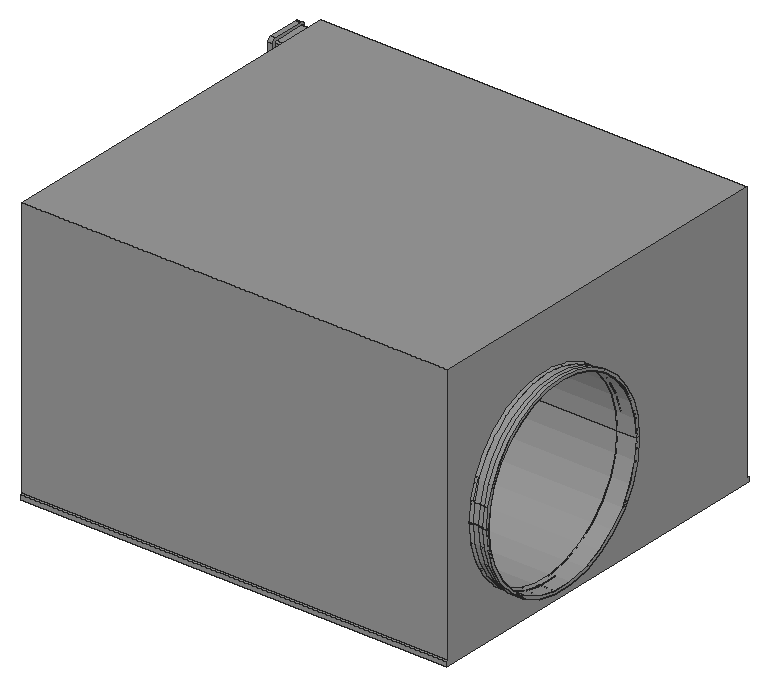
Revit family "IRB 400  E3 EC_7980039", category Mechanical Equipment, Revit 2014
Parameters (values of type "IRB 400 E3 EC")
  Wiring diagram = "4040147"
  Width = 995 mm
  Weight = 62.10 kg
  Voltage range = "380-480 V"
  Voltage = 400 V
  Speed = "2130rpm"
  Sound pressure level at 3 m = "67 dB(A)"
  Power = 2120 W
  Phase = 3
  Max. temperature of transported air when speed controlled = 60 °C
  Max. temperature of transported air = 60 °C
  Main Material = Steel, Galvanized
  Height = 808 mm
  Frequency = 50 Hz
  Elevation [instance] = 2600 mm
  Diameter = 400 mm
  Description = "Insulated duct fans with circular connections"
  Depth = 567 mm
  Current = 3.25 A
  Capacitor = "- µF"
Reference planes
  plane 1 "Center (Front/Back)": y = 0
  plane 2: z = 0
  plane 3 "Center (Left/Right)": x = 0
  plane 4: z = 2600
Dimensions and locks
  "Elevation": plane 4 to plane 2
  aligned and locked: level to plane 2
  aligned and locked: plane 3 "Center (Left/Right)" to nested 1
  aligned and locked: plane 1 "Center (Front/Back)" to nested 1
  aligned and locked: nested 1 to nested 2  (x2)
  aligned and locked: nested 1 to plane 4
Nested families
  nested 1: "IRB" at (0, 0, 2600), type "IRB"
  nested 2: "Flow direction symbol" at (0, 0, 0), type "Flow direction symbol"
Connectors
  electrical at (-497.5, 352.5, 3115.5), driven by "Phase", driven by "Voltage", driven by "Power"
    settings: on nested 1, index 1, voltage 400 V, apparent load 0 VA, apparent load phase1 2120 VA, apparent load phase2 0 VA, apparent load phase3 0 VA, power factor 1, load classification "Other", number of poles 3, system type 31, power factor state 1, is connector primary yes, connector utility no, sub classification motor no, connector description ""
  hvac at (-497.5, -144.5, 2851.995), driven by "Diameter"
    settings: on nested 1, index 4, duct flow 0.0 L/s, flow factor 0, pres drop 0.0 Pa, loss coef 0, conn angle 0.00°, conn width 304.8 mm, conn height 304.8 mm, conn diameter 400 mm, duct sys type 1, conn prof type 0, flow config 0, flow direction 1, loss method 0, conn ref index -1, conn util no, is conn primary yes, conn desc ""
  hvac at (497.5, -144.5, 2851.995), driven by "Diameter"
    settings: on nested 1, index 5, duct flow 0.0 L/s, flow factor 0, pres drop 0.0 Pa, loss coef 0, conn angle 0.00°, conn width 304.8 mm, conn height 304.8 mm, conn diameter 400 mm, duct sys type 3, conn prof type 0, flow config 0, flow direction 2, loss method 0, conn ref index -1, conn util no, is conn primary no, conn desc ""
Definition of nested family "IRB"
  Parameters (values of type "IRB")
    Width = 995 mm
    Main Material = Steel, Galvanized
    Height = 808 mm
    Description = ""
    Depth = 567 mm
  Reference planes
    plane 1 "Center (Front/Back)": y = 0
    plane 2: z = 0
    plane 3 "Center (Left/Right)": x = 0
    plane 4: z = 567
    plane 5 "Horizontal Pipe Axis": z = 316
    plane 6: z = 10
    plane 7: z = 557
    plane 8: x = -456
    plane 9: x = 456
    plane 10: x = -497.5
    plane 11: x = 497.5
    plane 12: y = 404
    plane 13: y = -404
    plane 14: y = 394
    plane 15: x = -487.5
    plane 16: y = -144
  Forms (mm)
    Extrusion 1, solid, material "Steel, Galvanized" <- "Main Material", detail levels medium+fine
      sketch origin (0, 0, 0) x (0, 1, 0) y (0, 0, 1)
        loop
          line (-404, 0) -> (404, 0) -> (404, 10) -> (399, 10) -> (399, 11) -> (399, 567) -> (-399, 567) -> (-399, 10) -> (-404, 10) -> (-404, 0)
      from -456 to 456
    Extrusion 2, void
      sketch origin (0, 64.5, -65.499) x (0, 1, 0) y (0, 0, 1)
        loop
          circle (-209.5, 316.497) r 199
      from -809.837 to 500.936
    Extrusion 3, solid, material "Steel, Galvanized" <- "Main Material", detail levels coarse
      sketch origin (0, 66, -63.157) x (0, 1, 0) y (0, 0, -1)
        loop
          circle (-208.916, -314.143) r 199
      from 456 to 497.5
    Extrusion 4, solid, material "Steel, Galvanized" <- "Main Material", detail levels coarse
      sketch origin (0, 0, 0) x (0, 1, 0) y (0, 0, 1)
        loop
          line (404, 567) -> (-404, 567) -> (-404, 0) -> (404, 0) -> (404, 567)
      from -456 to 456
    Sweep 5, solid, material "Plastic, Opaque White", detail levels fine
      path origin (0, 0, 0) x (1, 0, 0) y (0, 1, 0)
        loop
          line (-487.5, 394) -> (-497.5, 394)
      profile origin (-492.5, 394, 0) x (0, -1, 0) y (0, 0, 1)
        loop
          arc (8.073, 557) -> (2.365, 554.635) -> (0, 548.927) r 8.073
          line (0, 548.927) -> (0, 482.073)
          arc (0, 482.073) -> (2.365, 476.365) -> (8.073, 474) r 8.073
          line (8.073, 474) -> (74.927, 474)
          arc (74.927, 474) -> (80.635, 476.365) -> (83, 482.073) r 8.073
          line (83, 482.073) -> (83, 548.927)
          arc (83, 548.927) -> (80.635, 554.635) -> (74.927, 557) r 8.073
          line (74.927, 557) -> (8.073, 557)
    Sweep 6, solid, material "Plastic, Opaque White", detail levels fine
      path origin (0, 0, 0) x (1, 0, 0) y (0, 1, 0)
        loop
          line (-487.5, 352.5) -> (-456, 352.5)
      profile origin (-471.75, 352.5, 0) x (0, 1, 0) y (0, 0, 1)
        loop
          line (33.427, 552) -> (-33.427, 552)
          arc (-33.427, 552) -> (-35.6, 551.1) -> (-36.5, 548.927) r 3.073
          line (-36.5, 548.927) -> (-36.5, 482.073)
          arc (-36.5, 482.073) -> (-35.6, 479.9) -> (-33.427, 479) r 3.073
          line (-33.427, 479) -> (33.427, 479)
          arc (33.427, 479) -> (35.6, 479.9) -> (36.5, 482.073) r 3.073
          line (36.5, 482.073) -> (36.5, 548.927)
          arc (36.5, 548.927) -> (35.6, 551.1) -> (33.427, 552) r 3.073
    Extrusion 7, solid, material "Steel, Galvanized" <- "Main Material", detail levels coarse
      sketch origin (0, 66, -63.157) x (0, 1, 0) y (0, 0, 1)
        loop
          circle (-208.916, 314.143) r 199
      from 456 to 497.5
    Extrusion 8, void, detail levels medium+fine
      sketch origin (0, 64.5, -25.499) x (0, 1, 0) y (0, 0, 1)
        loop
          circle (-209.5, 277.499) r 198
      from -809.837 to 500.936
    Extrusion 9, solid, material "Steel, Galvanized" <- "Main Material", detail levels coarse
      sketch origin (0, 66, -23.157) x (0, 1, 0) y (0, 0, -1)
        loop
          circle (-208.916, -277.262) r 198
      from 456 to 497.5
    Revolve 10, solid, material "Steel, Galvanized" <- "Main Material", detail levels medium+fine
      sketch origin (0, 34.5, 252) x (-1, 0, 0) y (0, -1, 0)
        loop
          line (497.5, -25.5) -> (497.5, 178.5) -> (456, 178.5) -> (456, -21.5)
          arc (456, -21.5) -> (460.25, -23.5) -> (464.5, -21.5) r 5.516
          line (464.5, -21.5) -> (479.5, -21.5) -> (479.5, -23.5) -> (489.5, -23.5) -> (489.5, -25.5) -> (497.5, -25.5)
        axis (456, 178.5) -> (497.5, 178.5)
      angle from 0 to 360
    Revolve 11, solid, material "Steel, Galvanized" <- "Main Material", detail levels medium+fine
      sketch origin (0, 0, 252) x (1, 0, 0) y (0, 1, 0)
        loop
          line (497.5, 60) -> (489.5, 60) -> (489.5, 58) -> (479.5, 58) -> (479.5, 56) -> (464.5, 56)
          arc (464.5, 56) -> (460.25, 58) -> (456, 56) r 5.516
          line (456, 56) -> (456, -144) -> (497.5, -144) -> (497.5, 60)
        axis (456, -144) -> (497.5, -144)
      angle from 0 to 360
    Extrusion 12, solid, material "Steel, Galvanized" <- "Main Material", detail levels coarse
      sketch origin (0, 66, -23.157) x (0, 1, 0) y (0, 0, 1)
        loop
          circle (-208.916, 277.262) r 198
      from 456 to 497.5
    Extrusion 13, void
      sketch origin (0, 64.5, -26.502) x (0, 1, 0) y (0, 0, 1)
        loop
          circle (-209.5, 277.499) r 199
      from -809.837 to 500.936
    Revolve 14, solid, material "Steel, Galvanized" <- "Main Material", detail levels medium+fine
      sketch origin (0, 34.5, 250.997) x (-1, 0, 0) y (0, -1, 0)
        loop
          line (497.5, -25.5) -> (497.5, 178.5) -> (456, 178.5) -> (456, -21.5)
          arc (456, -21.5) -> (460.25, -23.5) -> (464.5, -21.5) r 5.516
          line (464.5, -21.5) -> (479.5, -21.5) -> (479.5, -23.5) -> (489.5, -23.5) -> (489.5, -25.5) -> (497.5, -25.5)
        axis (456, 178.5) -> (497.5, 178.5)
      angle from 0 to 360
    Revolve 15, solid, material "Steel, Galvanized" <- "Main Material", detail levels medium+fine
      sketch origin (0, 0, 250.997) x (1, 0, 0) y (0, 1, 0)
        loop
          line (497.5, 60) -> (489.5, 60) -> (489.5, 58) -> (479.5, 58) -> (479.5, 56) -> (464.5, 56)
          arc (464.5, 56) -> (460.25, 58) -> (456, 56) r 5.516
          line (456, 56) -> (456, -144) -> (497.5, -144) -> (497.5, 60)
        axis (456, -144) -> (497.5, -144)
      angle from 0 to 360
    Extrusion 16, void
      sketch origin (0, 64.5, -25.504) x (0, 1, 0) y (0, 0, 1)
        loop
          circle (-209.5, 277.499) r 199
      from -809.837 to 500.936
    Revolve 17, solid, material "Steel, Galvanized" <- "Main Material", detail levels medium+fine
      sketch origin (0, 34.5, 251.995) x (-1, 0, 0) y (0, -1, 0)
        loop
          line (497.5, -25.5) -> (497.5, 178.5) -> (456, 178.5) -> (456, -21.5)
          arc (456, -21.5) -> (460.25, -23.5) -> (464.5, -21.5) r 5.516
          line (464.5, -21.5) -> (479.5, -21.5) -> (479.5, -23.5) -> (489.5, -23.5) -> (489.5, -25.5) -> (497.5, -25.5)
        axis (456, 178.5) -> (497.5, 178.5)
      angle from 0 to 360
    Revolve 18, solid, material "Steel, Galvanized" <- "Main Material", detail levels medium+fine
      sketch origin (0, 0, 251.995) x (1, 0, 0) y (0, 1, 0)
        loop
          line (497.5, 60) -> (489.5, 60) -> (489.5, 58) -> (479.5, 58) -> (479.5, 56) -> (464.5, 56)
          arc (464.5, 56) -> (460.25, 58) -> (456, 56) r 5.516
          line (456, 56) -> (456, -144) -> (497.5, -144) -> (497.5, 60)
        axis (456, -144) -> (497.5, -144)
      angle from 0 to 360
  Cuts and joins
    Extrusion 2 cuts Extrusion 1
    joined: Sweep 5, Sweep 6
    Extrusion 8 cuts Extrusion 4
    Extrusion 8 cuts Revolve 10
    Extrusion 8 cuts Revolve 11
    Extrusion 13 cuts Revolve 14
    Extrusion 13 cuts Revolve 15
    Extrusion 16 cuts Revolve 17
    Extrusion 16 cuts Revolve 18
  Dimensions and locks
    equal spacing: plane 10, plane 3 "Center (Left/Right)", plane 11
    "Width": plane 10 to plane 11
    "Depth": plane 4 to level
    locked: plane 12 to plane 14 at 10
    locked: plane 4 to plane 7 at 10
    locked: plane 10 to plane 15 at 10
    locked: plane 10 to plane 8 at 41.5
    locked: plane 9 to plane 11 at 41.5
    locked: Sweep 6 sketch curve to plane 7 at 5
    locked: plane 14 to Sweep 6 sketch curve at 5
    plane 4 to plane 5 "Horizontal Pipe Axis" = 251 mm
    equal spacing: plane 12, plane 1 "Center (Front/Back)", plane 13
    "Height": plane 12 to plane 13
    aligned and locked: level to plane 2
    aligned and locked: Extrusion 1 sketch curve to plane 13
    aligned and locked: plane 2 to Extrusion 1 sketch curve
    aligned and locked: Extrusion 1 sketch curve to plane 12
    aligned and locked: Extrusion 1 to plane 9
    aligned and locked: Extrusion 1 to plane 8
    aligned and locked: Extrusion 3 to plane 10
    aligned and locked: plane 8 to Extrusion 3
    aligned and locked: Extrusion 3 to plane 8
    aligned and locked: plane 4 to Extrusion 4 sketch curve
    aligned and locked: plane 12 to Extrusion 4 sketch curve
    aligned and locked: Extrusion 4 to plane 8
    aligned and locked: Extrusion 4 to plane 9
    aligned and locked: plane 10 to Sweep 5 sketch curve
    aligned and locked: plane 15 to Sweep 5 sketch curve
    aligned and locked: Sweep 5 sketch curve to plane 7
    aligned and locked: Sweep 5 sketch curve to plane 14
    aligned and locked: plane 8 to Sweep 6 sketch curve
    aligned and locked: plane 15 to Sweep 6 sketch curve
  Automatic sketch dimensions
    Extrusion 1 sketch curve to plane 4 = 0 mm
    Extrusion 1 sketch curve to plane 6 = 0 mm  (x2)
    Extrusion 1 sketch curve to plane 13 = 5 mm
    Extrusion 1 sketch curve to plane 12 = 5 mm
    Extrusion 1 sketch curve to Extrusion 1 sketch curve = 1 mm
    Extrusion 2 sketch curve to plane 16 = 1 mm
    Extrusion 2 sketch curve to plane 5 "Horizontal Pipe Axis" = 65.003 mm
    plane 16 to Extrusion 3 sketch curve = 1.084 mm
    Extrusion 3 sketch curve to plane 5 "Horizontal Pipe Axis" = 65.013 mm
    Extrusion 4 sketch curve to plane 13 = 0 mm
    Extrusion 4 sketch curve to level = 0 mm
    Sweep 5 sketch curve to plane 14 = 0 mm
    Sweep 5 sketch curve to profile plane = 8.073 mm  (x2)
    Sweep 5 sketch curve to Sweep 5 sketch curve = 66.854 mm  (x3)
    Sweep 5 sketch curve to Sweep 5 sketch curve = 8.073 mm
    Sweep 6 sketch curve to plane 14 = 41.5 mm
    Sweep 6 sketch curve to Sweep 6 sketch curve = 3.073 mm  (x3)
    profile plane to Sweep 6 sketch curve = 33.427 mm  (x2)
    Sweep 6 sketch curve to Sweep 6 sketch curve = 66.854 mm
    plane 16 to Extrusion 7 sketch curve = 1.084 mm
    Extrusion 7 sketch curve to plane 5 "Horizontal Pipe Axis" = 65.013 mm
    Extrusion 8 sketch curve to plane 16 = 1 mm
    Extrusion 8 sketch curve to plane 5 "Horizontal Pipe Axis" = 64 mm
    plane 16 to Extrusion 9 sketch curve = 1.084 mm
    Extrusion 9 sketch curve to plane 5 "Horizontal Pipe Axis" = 61.894 mm
    Revolve 10 sketch curve to plane 8 = 0 mm  (x2)
    Revolve 10 sketch curve to plane 10 = 0 mm
    Revolve 10 sketch curve to plane 16 = 0 mm  (x2)
    Revolve 10 sketch curve to plane 8 = 4.25 mm
    Revolve 10 sketch curve to Revolve 10 sketch curve = 4.25 mm
    plane 15 to Revolve 10 sketch curve = 8 mm
    Revolve 10 sketch curve to plane 15 = 2 mm
    Revolve 10 sketch curve to plane 1 "Center (Front/Back)" = 52.485 mm
    Revolve 10 sketch curve to Revolve 10 sketch curve = 3.515 mm
    Revolve 10 sketch curve to Revolve 10 sketch curve = 2 mm  (x2)
    Revolve 10 sketch curve to Revolve 10 sketch curve = 93.5 mm
    Revolve 11 sketch curve to plane 9 = 0 mm  (x2)
    Revolve 11 sketch curve to plane 11 = 0 mm
    Revolve 11 sketch curve to plane 16 = 0 mm  (x2)
    Revolve 11 sketch curve to plane 9 = 4.25 mm
    Revolve 11 sketch curve to Revolve 11 sketch curve = 4.25 mm
    Revolve 11 sketch curve to Revolve 11 sketch curve = 15 mm
    plane 11 to Revolve 11 sketch curve = 8 mm
    Revolve 11 sketch curve to plane 1 "Center (Front/Back)" = 52.485 mm
    Revolve 11 sketch curve to Revolve 11 sketch curve = 3.515 mm
    Revolve 11 sketch curve to Revolve 11 sketch curve = 2 mm  (x2)
    Revolve 11 sketch curve to Revolve 11 sketch curve = 93.5 mm
    plane 16 to Extrusion 12 sketch curve = 1.084 mm
    Extrusion 12 sketch curve to plane 5 "Horizontal Pipe Axis" = 61.894 mm
    Extrusion 13 sketch curve to plane 16 = 1 mm
    Extrusion 13 sketch curve to plane 5 "Horizontal Pipe Axis" = 65.003 mm
    Revolve 14 sketch curve to plane 8 = 0 mm  (x2)
    Revolve 14 sketch curve to plane 10 = 0 mm
    Revolve 14 sketch curve to plane 16 = 0 mm  (x2)
    Revolve 14 sketch curve to plane 8 = 4.25 mm
    Revolve 14 sketch curve to Revolve 14 sketch curve = 4.25 mm
    plane 15 to Revolve 14 sketch curve = 8 mm
    Revolve 14 sketch curve to plane 15 = 2 mm
    Revolve 14 sketch curve to plane 1 "Center (Front/Back)" = 52.485 mm
    Revolve 14 sketch curve to Revolve 14 sketch curve = 3.515 mm
    Revolve 14 sketch curve to Revolve 14 sketch curve = 2 mm  (x2)
    Revolve 14 sketch curve to Revolve 14 sketch curve = 93.5 mm
    Revolve 15 sketch curve to plane 9 = 0 mm  (x2)
    Revolve 15 sketch curve to plane 11 = 0 mm
    Revolve 15 sketch curve to plane 16 = 0 mm  (x2)
    Revolve 15 sketch curve to plane 9 = 4.25 mm
    Revolve 15 sketch curve to Revolve 15 sketch curve = 4.25 mm
    Revolve 15 sketch curve to Revolve 15 sketch curve = 15 mm
    plane 11 to Revolve 15 sketch curve = 8 mm
    Revolve 15 sketch curve to plane 1 "Center (Front/Back)" = 52.485 mm
    Revolve 15 sketch curve to Revolve 15 sketch curve = 3.515 mm
    Revolve 15 sketch curve to Revolve 15 sketch curve = 2 mm  (x2)
    Revolve 15 sketch curve to Revolve 15 sketch curve = 93.5 mm
    Extrusion 16 sketch curve to plane 16 = 1 mm
    Extrusion 16 sketch curve to plane 5 "Horizontal Pipe Axis" = 64.005 mm
    Revolve 17 sketch curve to plane 8 = 0 mm  (x2)
    Revolve 17 sketch curve to plane 10 = 0 mm
    Revolve 17 sketch curve to plane 16 = 0 mm  (x2)
    Revolve 17 sketch curve to plane 8 = 4.25 mm
    Revolve 17 sketch curve to Revolve 17 sketch curve = 4.25 mm
    plane 15 to Revolve 17 sketch curve = 8 mm
    Revolve 17 sketch curve to plane 15 = 2 mm
    Revolve 17 sketch curve to plane 1 "Center (Front/Back)" = 52.485 mm
    Revolve 17 sketch curve to Revolve 17 sketch curve = 3.515 mm
    Revolve 17 sketch curve to Revolve 17 sketch curve = 2 mm  (x2)
    Revolve 17 sketch curve to Revolve 17 sketch curve = 93.5 mm
    Revolve 18 sketch curve to plane 9 = 0 mm  (x2)
    Revolve 18 sketch curve to plane 11 = 0 mm
    Revolve 18 sketch curve to plane 16 = 0 mm  (x2)
    Revolve 18 sketch curve to plane 9 = 4.25 mm
    Revolve 18 sketch curve to Revolve 18 sketch curve = 4.25 mm
    Revolve 18 sketch curve to Revolve 18 sketch curve = 15 mm
    plane 11 to Revolve 18 sketch curve = 8 mm
    Revolve 18 sketch curve to plane 1 "Center (Front/Back)" = 52.485 mm
    Revolve 18 sketch curve to Revolve 18 sketch curve = 3.515 mm
    Revolve 18 sketch curve to Revolve 18 sketch curve = 2 mm  (x2)
    Revolve 18 sketch curve to Revolve 18 sketch curve = 93.5 mm
    radius of Extrusion 2 sketch curve = 199 mm
    radius of Extrusion 3 sketch curve = 199 mm
    radius of Extrusion 7 sketch curve = 199 mm
    radius of Extrusion 8 sketch curve = 198 mm
    radius of Extrusion 9 sketch curve = 198 mm
    radius of Extrusion 12 sketch curve = 198 mm
    radius of Extrusion 13 sketch curve = 199 mm
    radius of Extrusion 16 sketch curve = 199 mm
Definition of nested family "Flow direction symbol"
  Parameters (values of type "Flow direction symbol")
    Warning = "!"
    Text = "DIMENSIONS OVERCONSTRAINT"
  Reference planes
    plane 1: y = 0
    plane 2: x = 0
  Lines and regions (mm)
    detail lines
      curve 1: line (-0.506, 0.877, 0) -> (-0.506, -0.877, 0)
      curve 2: line (1.012, 0, 0) -> (-0.506, -0.877, 0)
      curve 3: line (-0.506, 0.877, 0) -> (1.012, 0, 0)
      curve 4: circle (0, 0, 0) r 1 normal (0, 0, 1)
